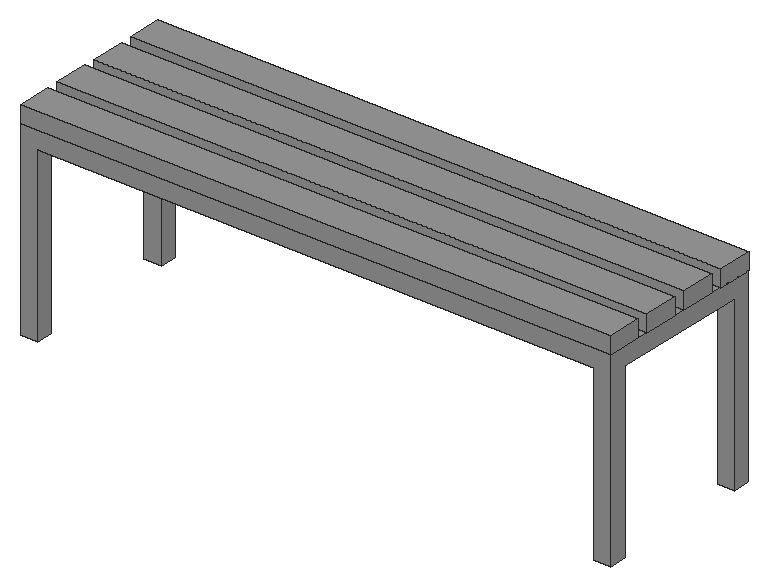
Revit family "Банкетка для раздевалок «Бэйсик» Арт 20699", category Антураж, Revit 2018
Family settings
  На основе рабочей плоскости = Нет
  Всегда вертикально = Да
  При загрузке вырезать с полостями = Нет
  Источник визуального образа = Геометрия семейства
  Общий = Нет
  Точка расчета площади = Нет
Parameters (values of type "Версия 1,2 м")
  Ширина = 350 mm  # constant formula
  Цвет опор = Сталь
  Цвет лавки = Дерево
  Описание = if([Версия 1,2 м], "Банкетка для раздевалок «Бэйсик». Версия 1,2 м", "Банкетка для раздевалок «Бэйсик». Версия 1,5 м")  # "Банкетка для раздевалок «Бэйсик». Версия 1,2 м"
  Материал изделия = "Сталь, дерево"  # constant formula
  Изображение типоразмера = Банкетка для раздевалок «Бэйсик» Арт 20699.jpg
  Изготовитель = "ООО «Хоббика»"  # constant formula
  Длина = if([Версия 1,2 м], 1200 mm, 1500 mm)  # 1200 mm
  Группа модели = "Скамейки для раздевалок"  # constant formula
  Высота = 420 mm  # constant formula
  Версия 1,5 м = not([Версия 1,2 м])  # no
  Версия 1,2 м = yes
  Артикул товара = "Арт. 20699"  # constant formula
  URL = "https://hobbyka.ru/product/banketka_dlya_razdevalok_beysik/"
Types (3, lengths in mm): name | Описание | Длина | Версия 1,5 м | Версия 1,2 м
  (no name) | "Банкетка для раздевалок «Бэйсик». Версия 1,2 м" | 1200 | no | yes
  Версия 1,2 м | "Банкетка для раздевалок «Бэйсик». Версия 1,2 м" | 1200 | no | yes
  Версия 1,5 м | "Банкетка для раздевалок «Бэйсик». Версия 1,5 м" | 1500 | yes | no
Reference planes
  plane 1 "По центру (Вперед/Назад)": y = 0
  plane 2: z = 0
  plane 3 "По центру (Влево/Вправо)": x = 0
  plane 4: x = 1200
  plane 5: y = 350
  plane 6: z = 420
  plane 7: x = 1165
Forms (mm)
  Extrusion 1, solid, material "Сталь" <- "Цвет опор"
    sketch origin (0, 0, 0) x (0, 1, 0) y (0, 0, 1)
      loop
        line (350, 385) -> (0, 385) -> (0, 0) -> (35, 0) -> (35, 350) -> (315, 350) -> (315, 0) -> (350, 0) -> (350, 385)
    from 0 to 35
  Extrusion 2, solid, material "Сталь" <- "Цвет опор"
    sketch origin (0, 0, 0) x (0, 1, 0) y (0, 0, 1)
      loop
        line (350, 385) -> (0, 385) -> (0, 0) -> (35, 0) -> (35, 350) -> (315, 350) -> (315, 0) -> (350, 0) -> (350, 385)
    from 1165 to 1200
  Extrusion 3, solid, material "Сталь" <- "Цвет опор"
    sketch origin (0, 0, 0) x (0, 1, 0) y (0, 0, 1)
      loop
        line (315, 350) -> (350, 350) -> (350, 385) -> (315, 385) -> (315, 350)
      loop
        line (0, 385) -> (0, 350) -> (35, 350) -> (35, 385) -> (0, 385)
    from 0 to 1165
  Extrusion 4, solid, material "Дерево" <- "Цвет лавки"
    sketch origin (-200, 0, 0) x (0, 1, 0) y (0, 0, 1)
      loop
        line (350, 420) -> (280, 420) -> (280, 385) -> (350, 385) -> (350, 420)
      loop
        line (186.667, 385) -> (256.667, 385) -> (256.667, 420) -> (186.667, 420) -> (186.667, 385)
      loop
        line (93.333, 385) -> (163.333, 385) -> (163.333, 420) -> (93.333, 420) -> (93.333, 385)
      loop
        line (70, 420) -> (0, 420) -> (0, 385) -> (70, 385) -> (70, 420)
    from 200 to 1400
Cuts and joins
  joined: Extrusion 1, Extrusion 2, Extrusion 3
Dimensions and locks
  "Длина": plane 3 "По центру (Влево/Вправо)" to plane 4
  "Ширина": plane 5 to plane 1 "По центру (Вперед/Назад)"
  "Высота": plane 6 to plane 2
  locked: plane 7 to plane 4 at 35
  aligned and locked: level to plane 2
  aligned and locked: cut or joined group of Extrusion 1, Extrusion 2, Extrusion 3 to plane 7
  aligned and locked: plane 4 to cut or joined group of Extrusion 1, Extrusion 2, Extrusion 3
  aligned and locked: plane 7 to cut or joined group of Extrusion 1, Extrusion 2, Extrusion 3
  aligned and locked: Extrusion 4 to plane 3 "По центру (Влево/Вправо)"
  aligned and locked: plane 4 to Extrusion 4
Automatic sketch dimensions
  Extrusion 1 sketch curve to plane 1 "По центру (Вперед/Назад)" = 0 mm
  Extrusion 1 sketch curve to level = 0 mm  (x2)
  Extrusion 1 sketch curve to plane 5 = 0 mm
  Extrusion 1 sketch curve to plane 1 "По центру (Вперед/Назад)" = 35 mm
  Extrusion 1 sketch curve to plane 5 = 35 mm
  Extrusion 1 sketch curve to plane 6 = 70 mm
  Extrusion 1 sketch curve to plane 6 = 35 mm
  Extrusion 2 sketch curve to plane 1 "По центру (Вперед/Назад)" = 0 mm
  Extrusion 2 sketch curve to level = 0 mm  (x2)
  Extrusion 2 sketch curve to plane 5 = 0 mm
  Extrusion 2 sketch curve to plane 1 "По центру (Вперед/Назад)" = 35 mm
  Extrusion 2 sketch curve to plane 5 = 35 mm
  Extrusion 2 sketch curve to plane 6 = 70 mm
  Extrusion 2 sketch curve to plane 6 = 35 mm
  Extrusion 3 sketch curve to plane 1 "По центру (Вперед/Назад)" = 0 mm
  Extrusion 3 sketch curve to plane 5 = 0 mm
  Extrusion 3 sketch curve to plane 1 "По центру (Вперед/Назад)" = 35 mm
  Extrusion 3 sketch curve to plane 5 = 35 mm
  Extrusion 3 sketch curve to plane 6 = 70 mm  (x2)
  Extrusion 3 sketch curve to plane 6 = 35 mm  (x2)
  Extrusion 4 sketch curve to Extrusion 4 sketch curve = 70 mm  (x3)
  Extrusion 4 sketch curve to Extrusion 4 sketch curve = 35 mm
  Extrusion 4 sketch curve to plane 6 = 0 mm  (x4)
  Extrusion 4 sketch curve to plane 5 = 0 mm
  Extrusion 4 sketch curve to Extrusion 4 sketch curve = 23.333 mm  (x3)
  Extrusion 4 sketch curve to plane 6 = 35 mm  (x3)
  Extrusion 4 sketch curve to plane 1 "По центру (Вперед/Назад)" = 0 mm
